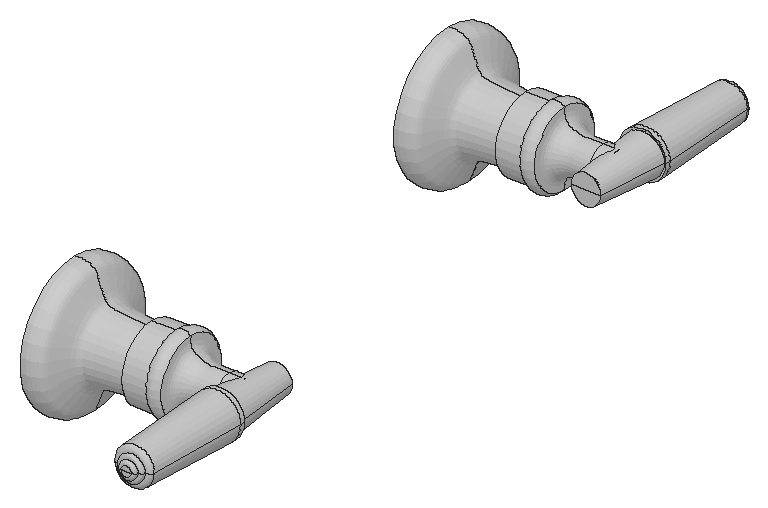
Revit family "SG0059083061CE", category Aparatos sanitarios, Revit 2020
Family settings
  Cota de conector redondo = Diámetro de uso
  Tipo de pieza = Normal
  Número OmniClass = 23.45.00.00
  Título OmniClass = Sanitary, Laundry, and Cleaning Equipment
  Se basa en plano de trabajo = No
  Siempre vertical = No
  Corte con vacíos al cargar = No
  Compartido = No
  Punto de cálculo de habitación = No
Parameters
  _Edesa_Profundidad (cm) = "9"
  _Edesa_Ancho (cm) = "33"
  _Edesa_Alto (cm) = "7"
  _Edesa_Contacto comercial = "(02) 395 2900"
  _Edesa_Tipo de instalación = "Empotrado en la pared"
  _Edesa_Tipo = "simple"
  _Edesa_SKU = "SG0059083061CE"
  _BRIGGS_Revisado = "calidad.planos@edesa.com.ec"
  _Edesa_Productos necesarios para la instalación = "Regadera"
  _Edesa_Productos incluidos = "-"
  _Edesa_Nombre = "CORVUS MEZCLADORA BIMANDO DE DUCHA"
  _Edesa_Materiales = "Latón"
  _Edesa_Marca = "Edesa"
  _Edesa_Manual de instalación = "https://www.edesa.com.ec/productos/instructivos/Griferia/Bimando_de_ducha_con_regadera_Edesa.pdf"
  _Edesa_Garantía = "De por vida para el cuerpo principal y acabado en cromo (306)"
  _Edesa_Fiche técnica = "https://www.edesa.com.ec/productos/fichastecnicaspdf/Edesa/Griferia/Corvus_bimando_ducha_regadera.pdf"
  _Edesa_Distancia de instalacion = "-"
  _Edesa_Descripcion = "Grifería bimando de ducha para agua fría y caliente. Instalación empotrado en la pared."
  _Edesa_Cumple normativa ADA = "-"
  _Edesa_Consumo de agua = "8.3 litros por minuto / 2.2 gpm a 60 psi"
  _Edesa_Consuma/Capacidad = "-"
  _Edesa_Conexión hidráulica = "Entrada de agua: tubería ø 1/2\""
  _Edesa_Colores/Acabado = "cromo"
  _Edesa_Certificación = "Cumple con norma NTE - INEN 3123 basada en la norma ASME 112.18.1 - 2012."
  _Edesa_Categoria = "Productos > Grifería > Ducha"
  _Edesa_Peso (Kg) = "-"
  _BRIGGS_Autor BIM = "Ing. Marco López"
  _BRIGGS_ BIM Manager = "http://www1.veraquintana.net/_sitevq/"
  Elevación por defecto = 0 mm
  Diámetro agua fría = 12.7 mm
  Diámetro Sanitario = 50 mm
Reference planes
  plane 1 "Centro (Frontal/Posterior)": y = 0
  plane 2: z = 0
  plane 3 "Centro (Izquierda/Derecha)": x = 0
  plane 4: z = 54.294
Forms (mm)
  Revolve 1, solid, material "Acero, cromado"
    sketch origin (1571.252, -102.608, 0) x (-1, 0, 0) y (0, 0, -1)
      loop
        line (1573.588, -54.294) -> (1496.873, -54.294) -> (1496.873, -62.157) -> (1503.625, -62.157)
        spline (1503.625, -62.157) -> (1508.208, -62.108) -> (1510.128, -62.017) -> (1511.291, -61.962) -> (1512.461, -62.003) -> (1513.809, -62.197) -> (1515.267, -62.615) -> (1516.683, -63.233) -> (1517.841, -63.89) -> (1518.709, -64.531) -> (1519.448, -65.285) -> (1520.232, -66.699) -> (1520.654, -70.641)
        arc (1520.654, -70.641) -> (1523.922, -72.039) -> (1527.217, -70.705) r 4.624
        line (1527.217, -70.705) -> (1537.717, -70.705) -> (1537.717, -67.74)
        spline (1537.717, -67.74) -> (1549.515, -68.756) -> (1554.555, -69.26) -> (1556.28, -69.76) -> (1557.332, -70.543) -> (1558.284, -71.718) -> (1559.248, -73.684) -> (1560.342, -76.477) -> (1561.528, -79.542) -> (1562.63, -81.793) -> (1564.043, -83.127) -> (1566.658, -84.234) -> (1571.588, -84.292)
        line (1571.588, -84.292) -> (1571.588, -68.548) -> (1573.588, -68.548) -> (1573.588, -54.294)
      axis (1573.588, -54.294) -> (1496.873, -54.294)
    angle from 0 to 360
  Revolve 2, solid, material "Acero, cromado"
    sketch origin (50.598, -1524, 54.294) x (0, -1, 0) y (1, 0, 0)
      loop
        line (-1439.127, 30.23) -> (-1439.127, 23.73) -> (-1356.287, 23.73) -> (-1356.287, 26.082)
        spline (-1356.287, 26.082) -> (-1356.277, 26.31) -> (-1356.289, 26.52) -> (-1356.323, 26.712) -> (-1356.38, 26.884) -> (-1356.462, 27.036) -> (-1356.569, 27.168) -> (-1356.702, 27.277) -> (-1356.862, 27.365) -> (-1357.049, 27.43) -> (-1357.266, 27.471) -> (-1357.511, 27.488) -> (-1357.787, 27.48)
        spline (-1357.787, 27.48) -> (-1357.788, 27.779) -> (-1357.792, 28.056) -> (-1357.805, 28.311) -> (-1357.834, 28.542) -> (-1357.884, 28.747) -> (-1357.96, 28.927) -> (-1358.068, 29.079) -> (-1358.214, 29.202) -> (-1358.404, 29.296) -> (-1358.642, 29.358) -> (-1358.935, 29.389) -> (-1359.287, 29.386)
        spline (-1359.287, 29.386) -> (-1359.273, 29.697) -> (-1359.283, 30.008) -> (-1359.321, 30.315) -> (-1359.389, 30.612) -> (-1359.487, 30.895) -> (-1359.619, 31.16) -> (-1359.785, 31.4) -> (-1359.988, 31.613) -> (-1360.229, 31.793) -> (-1360.51, 31.935) -> (-1360.833, 32.034) -> (-1361.201, 32.087)
        line (-1361.201, 32.087) -> (-1406.127, 34.03) -> (-1408.127, 34.03) -> (-1408.127, 33.065) -> (-1439.127, 30.23)
      axis (-1439.127, 23.73) -> (-1356.287, 23.73)
    angle from 0 to 360
  Revolve 3, solid, material "Acero, cromado"
    sketch origin (1571.252, 102.608, 0) x (-1, 0, 0) y (0, 0, 1)
      loop
        line (1573.588, 54.294) -> (1573.588, 68.548) -> (1571.588, 68.548) -> (1571.588, 84.292)
        spline (1571.588, 84.292) -> (1566.658, 84.234) -> (1564.043, 83.127) -> (1562.63, 81.793) -> (1561.528, 79.542) -> (1560.342, 76.477) -> (1559.248, 73.684) -> (1558.284, 71.718) -> (1557.332, 70.543) -> (1556.28, 69.76) -> (1554.555, 69.26) -> (1549.515, 68.756) -> (1537.717, 67.74)
        line (1537.717, 67.74) -> (1537.717, 70.705) -> (1527.217, 70.705)
        arc (1527.217, 70.705) -> (1523.922, 72.039) -> (1520.654, 70.641) r 4.624
        spline (1520.654, 70.641) -> (1520.232, 66.699) -> (1519.448, 65.285) -> (1518.709, 64.531) -> (1517.841, 63.89) -> (1516.683, 63.233) -> (1515.267, 62.615) -> (1513.809, 62.197) -> (1512.461, 62.003) -> (1511.291, 61.962) -> (1510.128, 62.017) -> (1508.208, 62.108) -> (1503.625, 62.157)
        line (1503.625, 62.157) -> (1496.873, 62.157) -> (1496.873, 54.294) -> (1573.588, 54.294)
      axis (1573.588, 54.294) -> (1496.873, 54.294)
    angle from 0 to 360
  Revolve 4, solid, material "Acero, cromado"
    sketch origin (50.598, -1524, 54.294) x (0, -1, 0) y (1, 0, 0)
      loop
        line (-1608.873, 30.23) -> (-1639.873, 33.065) -> (-1639.873, 34.03) -> (-1641.873, 34.03) -> (-1686.799, 32.087)
        spline (-1686.799, 32.087) -> (-1687.167, 32.034) -> (-1687.49, 31.935) -> (-1687.771, 31.793) -> (-1688.012, 31.613) -> (-1688.215, 31.4) -> (-1688.381, 31.16) -> (-1688.513, 30.895) -> (-1688.611, 30.612) -> (-1688.679, 30.315) -> (-1688.717, 30.008) -> (-1688.727, 29.697) -> (-1688.713, 29.386)
        spline (-1688.713, 29.386) -> (-1689.065, 29.389) -> (-1689.358, 29.358) -> (-1689.596, 29.296) -> (-1689.786, 29.202) -> (-1689.932, 29.079) -> (-1690.04, 28.927) -> (-1690.116, 28.747) -> (-1690.166, 28.542) -> (-1690.195, 28.311) -> (-1690.208, 28.056) -> (-1690.212, 27.779) -> (-1690.213, 27.48)
        spline (-1690.213, 27.48) -> (-1690.489, 27.488) -> (-1690.734, 27.471) -> (-1690.951, 27.43) -> (-1691.138, 27.365) -> (-1691.298, 27.277) -> (-1691.431, 27.168) -> (-1691.538, 27.036) -> (-1691.62, 26.884) -> (-1691.677, 26.712) -> (-1691.711, 26.52) -> (-1691.723, 26.31) -> (-1691.713, 26.082)
        line (-1691.713, 26.082) -> (-1691.713, 23.73) -> (-1608.873, 23.73) -> (-1608.873, 30.23)
      axis (-1608.873, 23.73) -> (-1691.713, 23.73)
    angle from 0 to 360
Dimensions and locks
  aligned and locked: level to plane 2
Connectors
  piping at (-2.336, -102.608, 54.294), diameter 12.7
    settings: on Revolve 1, index 1, connector inside diameter 609.6 mm, connector length 0 mm, flow factor 0, pipe flow 0.0 L/s, pressure drop 0.0 Pa, fitting loss kfactor 0, connector angle 0.00°, fixture units 0, engagement length 0 mm, angle of deflection 0.00°, flow configuration 0, flow direction 0, fitting loss method 0, system type 19, joint type 0, gender type 0, connector reference index -1, connector utility 0, adjustable connector no, is connector primary yes, connector description ""
  piping at (-2.336, 102.608, 54.294), diameter 12.7
    settings: on Revolve 3, index 2, connector inside diameter 609.6 mm, connector length 0 mm, flow factor 0, pipe flow 0.0 L/s, pressure drop 0.0 Pa, fitting loss kfactor 0, connector angle 0.00°, fixture units 0, engagement length 0 mm, angle of deflection 0.00°, flow configuration 0, flow direction 0, fitting loss method 0, system type 20, joint type 0, gender type 0, connector reference index -1, connector utility 0, adjustable connector no, is connector primary no, connector description ""
